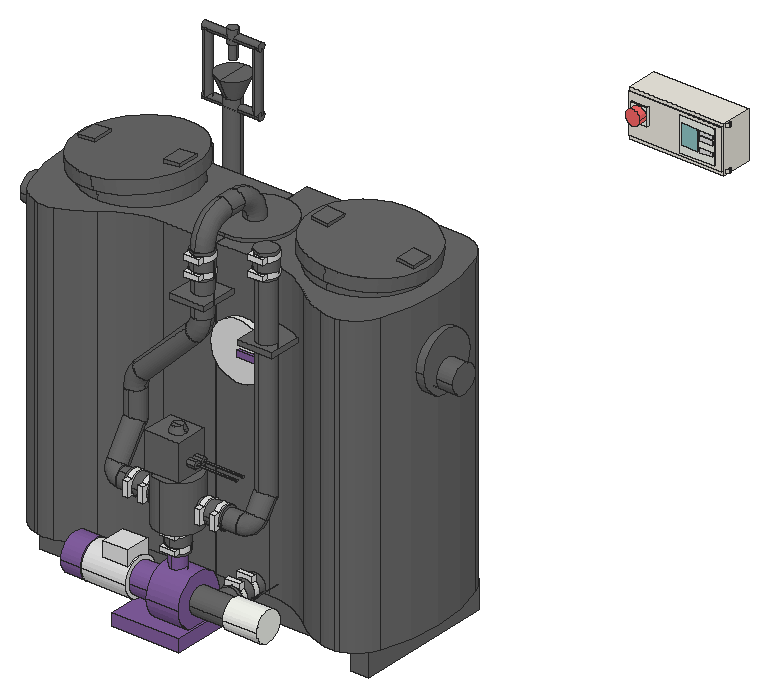
Revit family "93002.01_pvs 0", category Generic Models, Revit 2021
Family settings
  Can host rebar = No
  Round Connector Dimension = Use Diameter
  Part Type = Normal
  Work Plane-Based = No
  Always vertical = Yes
  Cut with Voids When Loaded = No
  Shared = Yes
  Room Calculation Point = No
Parameters (values of type "93002.01_PVS")
  SUPPLIER = "KESSEL"
  SA810ID06 = "4026092060964"
  SA810ID03 = "93002.01/PVS"
  SA71009ID06 = 3000 W
  SA71009ID05 = 3600 W
  SA71009ID04 = 1
  SA700ID17 = 1055 mm
  SA700ID14 = "ohne Angabe"
  SA700ID13 = 70 mm
  SA700ID09 = 1458 mm
  SA700ID08 = 680 mm
  SA700ID07 = 1500 mm
  SA700ID06 = 200
  SA700ID05 = 2
  SA700ID04 = "Grease separator EasyClean free NS 2, Auto Mix & Pump"
  SA500ID03 = "Sludge trap, integrated"
  SA400ID03 = "PE (Polyethylen)"
  SA250ID03 = "temperierte Umhausung"
  SA200ID03 = "free-standing set-up"
  SA100ID04 = "Abscheideranlage für Fette (Schlammfang und Fettabscheider)"
  PROCUREWEBLINK = "https://p.caden.as/kessel/93002.01%2FPVS"
  PROCURELINK = "p.caden.as/kessel/93002.01%2FPVS"
  PROCUREDATALASTUPDATE = "2024-05-22T12:17:52.710287995+01:00"
  PRC_SPECIFICATIONLINK = "https://ausschreiben.de/catalog/kessel/catalogItem/d0407a34-3eb5-4c51-a63a-9ae69b68663b"
  NN = "EasyClean, Auto Mix & Pump grease separator"
  NBSYN = "$SA810ID03. $LODLEVEL."
  NB = "93002.01/PVS 0"
  Model = "93002.01/PVS"
  Manufacturer = "KESSEL"
  MIdent = "{$CADENAS_DATA/23d-libs/kessel/kessel_vdi_import/40/abscheideranlage20fuer20fette/easyclean_free_auto_mix_pump.prj},230 {STYP=ASS},{VTYP=3D},{NB=93002.01/PVS 0},{LINA=93002.01/PVS},{NN=EasyClean, Auto Mix & Pump grease separator},{DATE=20.12.2022 10:10:54},{GEOMDATE=17.11.2022 09:57:06},{VERSION=},{LINEID=10},{WBVAR=LODLEVEL},{WBNUMERIC=LODLEVEL}  {NB=93002.01/PVS 0},{LINA=93002.01/PVS},{KT=DUMMY},{PREVIEW=../../bilder/ksb_w_9300201pvs.png},{SA700ID04=Fettabscheider EasyClean free NS 2, Auto Mix & Pump},{SA810ID06=4026092060964},{SA010ID04=KESSEL AG},{SA810ID03=93002.01/PVS},{SA100ID04=Abscheideranlage für Fette (Schlammfang und Fettabscheider)},{SA200ID03=Freiaufstellung},{SA400ID03=PE (Polyethylen)},{SA500ID03=Schlammfang integriert},{SA700ID05=2.00},{SA700ID06=200},{SA71009ID04=1},{SA71009ID05=3.60},{SA71009ID06=3.00},{SA250ID03=temperierte Umhausung},{SA700ID07=1500},{SA700ID09=1458},{SA700ID13=70},{SA700ID17=1055},{SA700ID08=680},{SA810ID10=\\\"Der Abscheider für fetthaltiges Abwasser ist für die freie Aufstellung in frostgeschützten Räumen geeignet und verzichtet auf metallische Bauteile im Behälter. Der Sammelbehälter aus dauerhaft beständigem Kunststoff (PE) ist mit einem integrierten Schlammfang ausgestattet und besitzt ein konisch zulaufendes Bodenteil für eine schnelle und saubere Entsorgung. Zwei geruchsdichte Deckel mit Schnellspannverschlüssen ermöglichen einen einfachen Zugang für Reinigungs- und Wartungsarbeiten.Das innovative Schredder-Mix-System mit integriertem Zerhacker übernimmt die Homogenisierung und Umwälzung des Behälterinhaltes. Die Reinigung und geruchsneutrale Entsorgung erfolgt dabei über eine außenliegende Pumpe mit 2-Wege-Ventil und Stellmotor, die mit einem Absperrschieber vom Behälter getrennt werden kann.Der vollautomatische Programmablauf wird durch ein anwenderfreundliches Schaltgerät mit mehrzeiliger Displayanzeige gesteuert, das über einen potentialfreien Kontakt in die Gebäudeleittechnik eingebunden werden kann. Über eine optional erhältliche Fernbedienung kann die Reinigung und Entsorgung von einer entfernten Stelle aus gestartet werden.Durch das individualisierbare Reinigungsprogramm mit Schnellwahlfunktion kann die Reinigung bedarfsgerecht an die örtlichen Gegebenheiten angepasst werden. Nach der Entsorgung sind nur noch max. 3 Liter Schlammrestvolumen im Behälter vorhanden. Mithilfe einer vollautomatisierten Spülung der Trinkwasserleitungen kann die Einhaltung der Trinkwasser-Hygiene-Verordnung gewährleistet werden.Gewährleistung auf den Werkstoff PE 20 Jahre.Ausführung:Absperreinrichtung: jaEntsorgungsart: automatisches Entsorgungs- und ReinigungssystemEntsorgungseinrichtung: EntsorgungspumpeEntsorgungsvariante: Auto Mix & PumpFülleinrichtung nach DIN 1988: jaNenngröße (NS): 2Schauglas: jaSchredder-Mix-System: jaSonicControl: neinWasserversorgung: 2 Magnetventile 1\\\"\\\"Tragfähigkeit (DIN 19901): F3Lieferumfang: Storz-B-Kupplung R 2 1/2 \\\"\\\" für SaugwagenanschlussEinbausituation: freie AufstellungAllgemeine Merkmale:Material: PENorm: EN 1825: 2004, DIN 4040-100Abmessungen:Aufstellfläche Länge: 1.736 mmAufstellfläche Breite: 841 mmAufstellfläche Höhe: 1.767 mmEinbringmaß Länge: 1.500 mmEinbringmaß Breite: 680 mmEinbringmaß Höhe: 1.458 mmBehälter/Grundkörper:Zulauf Nennweite (DN): 100 mmZulauf Nennweite (DA): 110 mmAuslauf Nennweite (DN): 100Auslauf Nennweite (DA): 110Abstand Rohrsohle Zulauf zu Behälterboden: 1.055 mmAbstand Rohrsohle Auslauf zu Behälterboden: 985 mmAnschluss Zu-/Auslaufstutzen: PE-HD-Rohre nach DIN 19537, HT-Rohre nach DIN 19560, PP oder ASDruckabgang (DA): 75 mmDruckabgang (DN): 65 mmNenndruck (PN): 10Abdeckungsmerkmale:Abdeckungsart: DeckelAbdeckung Material: KunststoffAbdeckung Farbe: violettDichtheit: geruchsdichtVerriegelung: SchnellspannverschlussAbwasserinhalt:Abscheiderinhalt: 400 lGesamtvolumen: 600 lSchlammfanginhalt: 200 lSpeichermenge an Fett: 100 lFördereinrichtung:Pumpe: SPF 300 KE 2.0Anzahl Pumpen: 1Förderhöhe max.: 17 mFörderleistung max.: 60 m3/hBetriebsspannung: 400 VNetzfrequenz: 50 HzBetriebsart: S2 - 30 Min.Leistung P1: 3,6 kWLeistung P2: 3 kWDrehzahl: 2.850 U/minErforderliche Absicherung (Leitungsschutz): Absicherung über Schaltgerät 400 VFörderguttemperatur (dauerhaft) max.: 40 °CAnschlusstyp: DirektanschlussGewicht: 44 kgLaufrad Typ: Radiallaufrad mit ZerhackerLänge Netzanschlussleitung Pumpe: 5 mNennstrom: 6,2 ASchutzart Pumpe: IP 55Schutzklasse: ITyp Anschlussleitung Pumpe: H07RN-F 7G 1,5 mm2Temperaturüberwachung: integriertSteuerung:Schaltgerät: jaBetriebsspannung: 400 VNetzfrequenz: 50 HzSelbstdiagnosesystem (SDS): jaBatteriepufferung: neinMehrzeilige Displayanzeige: jaLogbuchfunktion: jaUSB-Schnittstelle: jaGSM-Schnittstelle: neinPotentialfreier Kontakt: jaErforderliche Absicherung (Leitungsschutz): C 16 AErforderliche Absicherung (RCD): 30 mAMotorschutz Schalter: jaSchutzart Schaltgerät: IP 54\\\"},{SA700ID14=ohne Angabe},{LODLEVEL=0},{CATEGORY3AA=EasyClean free Auto Mix & Pump},{CATEGORY3AB=},{CATEGORY3AC=},{CATEGORY3AD=},{CATEGORY3AE=},{CATEGORY3AF=},{BEZEICHNUNG=},{BREITE=0.0},{TIEFE=MIN},{HOEHE=MIN},{MASSE=MIN},{LOD_=0,'Low'},{LOD_DEU=0,'Low'},{LOD_3DB=93002.01/PVS_0},{DNIN1=100},{DNIN2=10},{DNIN3=10},{DNIN4=10},{DNIN5=10},{DNIN6=10},{DNIN7=MIN},{DNOUT1=100},{DNOUT2=50},{ISD=80},{ISD2=10},{SA960ID03=80},{SA960ID04=3L},{SA960ID08=http://www.kessel.de/info?han=93002.01/PVS},{SA010ID01=010},{SA010ID02=40},{SA010ID06=www.kessel.de},{SA010ID08=4026092000007},{SA100ID01=100},{SA100ID02=1},{SA740ID01=740},{SA200ID01=200},{SA200ID02=1},{SA250ID01=250},{SA250ID02=1},{SA400ID01=400},{SA400ID02=1},{SA500ID01=500},{SA500ID02=1},{SA700ID01=700},{SA700ID02=80},{SA700ID14_=0},{SA71009ID01=710.09},{SA71009ID02=1},{SA71009ID03=SPF 300 KE 2.0},{SA71009ID07=IP55},{SA71009ID08=1},{SA71009ID09=1},{SA71009ID10=60},{SA71009ID11=17},{SA810ID01=810},{SA810ID02=80},{SA810ID04=93002.01/PVS},{SA810ID07=80},{SA810ID14=PCE},{LINK=http://www.kessel.de/info?han=93002.01/PVS},{LINK_=http://www.kessel.de/info?han=93002.01/PVS},{LINK_DEU=http://www.kessel.de/info?han=93002.01/PVS}"
  LINK = "http://www.kessel.de/info?han=93002.01/PVS"
  LINA = "93002.01/PVS"
  Default Elevation = 0 mm
  CREATOR = "CADENAS GmbH"
  CATALOG = "KESSEL"
  BOMINFO = "LINA"
  ARTICLENO = "NB"
Reference planes
  plane 1 "Center (Front/Back)": y = 0
  plane 2: z = 0
  plane 3 "Center (Left/Right)": x = 0
Dimensions and locks
  aligned and locked: level to plane 2
Nested families
  nested 1: "93002.01_pvs 0_content" at (0, 0, 0), type "93002.01_PVS 0_Content"
  nested 2: "93002.01_pvs 0_part1_X0Y0" at (1000, 1000, 1500), type "93002.01_PVS_PART1_X0Y0"
  nested 3: "93002.01_pvs 0_part2_X0Y0" at (0, 0, 0), type "93002.01_PVS_PART2_X0Y0"
Connectors
  electrical at (859.25, 933.5, 1478)
    settings: on nested 2, index 1, voltage 230 V, apparent load 0 VA, apparent load phase1 0 VA, apparent load phase2 0 VA, apparent load phase3 0 VA, power factor 1, load classification "Other", number of poles 3, system type 31, power factor state 1, is connector primary yes, connector utility no, sub classification motor no, connector description ""
  piping at (-897.6, 0, 1113), diameter 100
    settings: on nested 3, index 2, connector inside diameter 609.6 mm, connector length 0 mm, flow factor 0, pipe flow 0.0 L/s, pressure drop 0.0 Pa, fitting loss kfactor 0, connector angle 0.00°, fixture units 0, engagement length 0 mm, angle of deflection 0.00°, flow configuration 0, flow direction 1, fitting loss method 2, system type 8, joint type 0, gender type 0, connector reference index -1, connector utility 0, adjustable connector no, is connector primary yes, connector description ""
  piping at (-305, 275, 1772.9), diameter 10
    settings: on nested 3, index 3, connector inside diameter 609.6 mm, connector length 0 mm, flow factor 0, pipe flow 0.0 L/s, pressure drop 0.0 Pa, fitting loss kfactor 0, connector angle 0.00°, fixture units 0, engagement length 0 mm, angle of deflection 0.00°, flow configuration 0, flow direction 1, fitting loss method 2, system type 8, joint type 0, gender type 0, connector reference index -1, connector utility 0, adjustable connector no, is connector primary no, connector description ""
  piping at (844, 0, 1030), diameter 100
    settings: on nested 3, index 4, connector inside diameter 609.6 mm, connector length 0 mm, flow factor 0, pipe flow 0.0 L/s, pressure drop 0.0 Pa, fitting loss kfactor 0, connector angle 0.00°, fixture units 0, engagement length 0 mm, angle of deflection 0.00°, flow configuration 0, flow direction 2, fitting loss method 2, system type 7, joint type 0, gender type 0, connector reference index -1, connector utility 0, adjustable connector no, is connector primary no, connector description ""
  piping at (290, -301.5, 1441.5), diameter 50
    settings: on nested 3, index 5, connector inside diameter 609.6 mm, connector length 0 mm, flow factor 0, pipe flow 0.0 L/s, pressure drop 0.0 Pa, fitting loss kfactor 0, connector angle 0.00°, fixture units 0, engagement length 0 mm, angle of deflection 0.00°, flow configuration 0, flow direction 2, fitting loss method 2, system type 7, joint type 0, gender type 0, connector reference index -1, connector utility 0, adjustable connector no, is connector primary no, connector description ""
  electrical at (-212, -383, 248.5)
    settings: on nested 3, index 6, voltage 0 V, apparent load 0 VA, apparent load phase1 0 VA, apparent load phase2 0 VA, apparent load phase3 0 VA, power factor 1, load classification "Other", number of poles 1, system type 31, power factor state 1, is connector primary no, connector utility no, sub classification motor no, connector description ""
Definition of nested family "93002.01_pvs 0_part1_X0Y0"
  Parameters (values of type "93002.01_PVS_PART1_X0Y0")
    SUPPLIER = "KESSEL"
    SA810ID06 = "4026092060964"
    SA810ID03 = "93002.01/PVS"
    SA71009ID06 = 3000 W
    SA71009ID05 = 3600 W
    SA71009ID04 = 1
    SA700ID17 = 1055 mm
    SA700ID14 = "ohne Angabe"
    SA700ID13 = 70 mm
    SA700ID09 = 1458 mm
    SA700ID08 = 680 mm
    SA700ID07 = 1500 mm
    SA700ID06 = 200
    SA700ID05 = 2
    SA700ID04 = "Grease separator EasyClean free NS 2, Auto Mix & Pump"
    SA500ID03 = "Sludge trap, integrated"
    SA400ID03 = "PE (Polyethylen)"
    SA250ID03 = "temperierte Umhausung"
    SA200ID03 = "free-standing set-up"
    SA100ID04 = "Abscheideranlage für Fette (Schlammfang und Fettabscheider)"
    NBSYN = "$SA810ID03. $LODLEVEL._PART1"
    NB = "93002.01/PVS 0_PART1"
    Model = "93002.01/PVS_PART1"
    Manufacturer = "KESSEL"
    MIdent = "{$CADENAS_DATA/23d-libs/kessel/kessel_vdi_import/40/abscheideranlage20fuer20fette/easyclean_free_auto_mix_pump.prj},250 {VTYP=3D},{NB=93002.01/PVS 0_PART1},{LINA=93002.01/PVS_PART1},{NN=EasyClean, Auto Mix & Pump grease separator_PART1},{NOPRJ=TRUE},{DATE=20.12.2022 10:10:54},{GEOMDATE=17.11.2022 09:57:06},{VERSION=},{LINEID=10},{WBVAR=LODLEVEL},{WBNUMERIC=LODLEVEL}  {NB=93002.01/PVS 0_PART1},{LINA=93002.01/PVS_PART1},{KT=DUMMY},{PREVIEW=../../bilder/ksb_w_9300201pvs.png},{SA700ID04=Fettabscheider EasyClean free NS 2, Auto Mix & Pump},{SA810ID06=4026092060964},{SA010ID04=KESSEL AG},{SA810ID03=93002.01/PVS},{SA100ID04=Abscheideranlage für Fette (Schlammfang und Fettabscheider)},{SA200ID03=Freiaufstellung},{SA400ID03=PE (Polyethylen)},{SA500ID03=Schlammfang integriert},{SA700ID05=2.00},{SA700ID06=200},{SA71009ID04=1},{SA71009ID05=3.60},{SA71009ID06=3.00},{SA250ID03=temperierte Umhausung},{SA700ID07=1500},{SA700ID09=1458},{SA700ID13=70},{SA700ID17=1055},{SA700ID08=680},{SA810ID10=\\\"Der Abscheider für fetthaltiges Abwasser ist für die freie Aufstellung in frostgeschützten Räumen geeignet und verzichtet auf metallische Bauteile im Behälter. Der Sammelbehälter aus dauerhaft beständigem Kunststoff (PE) ist mit einem integrierten Schlammfang ausgestattet und besitzt ein konisch zulaufendes Bodenteil für eine schnelle und saubere Entsorgung. Zwei geruchsdichte Deckel mit Schnellspannverschlüssen ermöglichen einen einfachen Zugang für Reinigungs- und Wartungsarbeiten.Das innovative Schredder-Mix-System mit integriertem Zerhacker übernimmt die Homogenisierung und Umwälzung des Behälterinhaltes. Die Reinigung und geruchsneutrale Entsorgung erfolgt dabei über eine außenliegende Pumpe mit 2-Wege-Ventil und Stellmotor, die mit einem Absperrschieber vom Behälter getrennt werden kann.Der vollautomatische Programmablauf wird durch ein anwenderfreundliches Schaltgerät mit mehrzeiliger Displayanzeige gesteuert, das über einen potentialfreien Kontakt in die Gebäudeleittechnik eingebunden werden kann. Über eine optional erhältliche Fernbedienung kann die Reinigung und Entsorgung von einer entfernten Stelle aus gestartet werden.Durch das individualisierbare Reinigungsprogramm mit Schnellwahlfunktion kann die Reinigung bedarfsgerecht an die örtlichen Gegebenheiten angepasst werden. Nach der Entsorgung sind nur noch max. 3 Liter Schlammrestvolumen im Behälter vorhanden. Mithilfe einer vollautomatisierten Spülung der Trinkwasserleitungen kann die Einhaltung der Trinkwasser-Hygiene-Verordnung gewährleistet werden.Gewährleistung auf den Werkstoff PE 20 Jahre.Ausführung:Absperreinrichtung: jaEntsorgungsart: automatisches Entsorgungs- und ReinigungssystemEntsorgungseinrichtung: EntsorgungspumpeEntsorgungsvariante: Auto Mix & PumpFülleinrichtung nach DIN 1988: jaNenngröße (NS): 2Schauglas: jaSchredder-Mix-System: jaSonicControl: neinWasserversorgung: 2 Magnetventile 1\\\"\\\"Tragfähigkeit (DIN 19901): F3Lieferumfang: Storz-B-Kupplung R 2 1/2 \\\"\\\" für SaugwagenanschlussEinbausituation: freie AufstellungAllgemeine Merkmale:Material: PENorm: EN 1825: 2004, DIN 4040-100Abmessungen:Aufstellfläche Länge: 1.736 mmAufstellfläche Breite: 841 mmAufstellfläche Höhe: 1.767 mmEinbringmaß Länge: 1.500 mmEinbringmaß Breite: 680 mmEinbringmaß Höhe: 1.458 mmBehälter/Grundkörper:Zulauf Nennweite (DN): 100 mmZulauf Nennweite (DA): 110 mmAuslauf Nennweite (DN): 100Auslauf Nennweite (DA): 110Abstand Rohrsohle Zulauf zu Behälterboden: 1.055 mmAbstand Rohrsohle Auslauf zu Behälterboden: 985 mmAnschluss Zu-/Auslaufstutzen: PE-HD-Rohre nach DIN 19537, HT-Rohre nach DIN 19560, PP oder ASDruckabgang (DA): 75 mmDruckabgang (DN): 65 mmNenndruck (PN): 10Abdeckungsmerkmale:Abdeckungsart: DeckelAbdeckung Material: KunststoffAbdeckung Farbe: violettDichtheit: geruchsdichtVerriegelung: SchnellspannverschlussAbwasserinhalt:Abscheiderinhalt: 400 lGesamtvolumen: 600 lSchlammfanginhalt: 200 lSpeichermenge an Fett: 100 lFördereinrichtung:Pumpe: SPF 300 KE 2.0Anzahl Pumpen: 1Förderhöhe max.: 17 mFörderleistung max.: 60 m3/hBetriebsspannung: 400 VNetzfrequenz: 50 HzBetriebsart: S2 - 30 Min.Leistung P1: 3,6 kWLeistung P2: 3 kWDrehzahl: 2.850 U/minErforderliche Absicherung (Leitungsschutz): Absicherung über Schaltgerät 400 VFörderguttemperatur (dauerhaft) max.: 40 °CAnschlusstyp: DirektanschlussGewicht: 44 kgLaufrad Typ: Radiallaufrad mit ZerhackerLänge Netzanschlussleitung Pumpe: 5 mNennstrom: 6,2 ASchutzart Pumpe: IP 55Schutzklasse: ITyp Anschlussleitung Pumpe: H07RN-F 7G 1,5 mm2Temperaturüberwachung: integriertSteuerung:Schaltgerät: jaBetriebsspannung: 400 VNetzfrequenz: 50 HzSelbstdiagnosesystem (SDS): jaBatteriepufferung: neinMehrzeilige Displayanzeige: jaLogbuchfunktion: jaUSB-Schnittstelle: jaGSM-Schnittstelle: neinPotentialfreier Kontakt: jaErforderliche Absicherung (Leitungsschutz): C 16 AErforderliche Absicherung (RCD): 30 mAMotorschutz Schalter: jaSchutzart Schaltgerät: IP 54\\\"},{SA700ID14=ohne Angabe},{LODLEVEL=0},{CATEGORY3AA=EasyClean free Auto Mix & Pump},{CATEGORY3AB=},{CATEGORY3AC=},{CATEGORY3AD=},{CATEGORY3AE=},{CATEGORY3AF=},{BEZEICHNUNG=},{BREITE=0.0},{TIEFE=MIN},{HOEHE=MIN},{MASSE=MIN},{LOD_=0,'Low'},{LOD_DEU=0,'Low'},{LOD_3DB=93002.01/PVS_0},{DNIN1=100},{DNIN2=10},{DNIN3=10},{DNIN4=10},{DNIN5=10},{DNIN6=10},{DNIN7=MIN},{DNOUT1=100},{DNOUT2=50},{ISD=80},{ISD2=10},{SA960ID03=80},{SA960ID04=3L},{SA960ID08=http://www.kessel.de/info?han=93002.01/PVS},{SA010ID01=010},{SA010ID02=40},{SA010ID06=www.kessel.de},{SA010ID08=4026092000007},{SA100ID01=100},{SA100ID02=1},{SA740ID01=740},{SA200ID01=200},{SA200ID02=1},{SA250ID01=250},{SA250ID02=1},{SA400ID01=400},{SA400ID02=1},{SA500ID01=500},{SA500ID02=1},{SA700ID01=700},{SA700ID02=80},{SA700ID14_=0},{SA71009ID01=710.09},{SA71009ID02=1},{SA71009ID03=SPF 300 KE 2.0},{SA71009ID07=IP55},{SA71009ID08=1},{SA71009ID09=1},{SA71009ID10=60},{SA71009ID11=17},{SA810ID01=810},{SA810ID02=80},{SA810ID04=93002.01/PVS},{SA810ID07=80},{SA810ID14=PCE},{LINK=http://www.kessel.de/info?han=93002.01/PVS},{LINK_=http://www.kessel.de/info?han=93002.01/PVS},{LINK_DEU=http://www.kessel.de/info?han=93002.01/PVS}"
    LINK = "http://www.kessel.de/info?han=93002.01/PVS"
    LINA = "93002.01/PVS_PART1"
    Default Elevation = 1219.2 mm
    CREATOR = "CADENAS GmbH"
    CATALOG = "KESSEL"
    BOMINFO = "LINA"
    ARTICLENO = "NB"
  Reference planes
    plane 1 "Center (Front/Back)": y = 0
    plane 2: z = 0
    plane 3 "Center (Left/Right)": x = 0
  Dimensions and locks
    aligned and locked: level to plane 2
  Nested families
    nested 1: "93002.01_pvs 0_part1_content" at (0, 0, 0), type "93002.01_PVS 0_PART1_Content"
  Definition of nested family "93002.01_pvs 0_part1_content"
    Parameters (values of type "93002.01_PVS 0_PART1_Content")
      SUPPLIER = "KESSEL"
      SA810ID06 = "4026092060964"
      SA810ID03 = "93002.01/PVS"
      SA71009ID06 = 3000 W
      SA71009ID05 = 3600 W
      SA71009ID04 = 1
      SA700ID17 = 1055 mm
      SA700ID14 = "ohne Angabe"
      SA700ID13 = 70 mm
      SA700ID09 = 1458 mm
      SA700ID08 = 680 mm
      SA700ID07 = 1500 mm
      SA700ID06 = 200
      SA700ID05 = 2
      SA700ID04 = "Grease separator EasyClean free NS 2, Auto Mix & Pump"
      SA500ID03 = "Sludge trap, integrated"
      SA400ID03 = "PE (Polyethylen)"
      SA250ID03 = "temperierte Umhausung"
      SA200ID03 = "free-standing set-up"
      SA100ID04 = "Abscheideranlage für Fette (Schlammfang und Fettabscheider)"
      NBSYN = "$SA810ID03. $LODLEVEL._PART1"
      NB = "93002.01/PVS 0_PART1"
      Model = "93002.01/PVS_PART1"
      Manufacturer = "KESSEL"
      LINK = "http://www.kessel.de/info?han=93002.01/PVS"
      LINA = "93002.01/PVS_PART1"
      Default Elevation = 1219.2 mm
      CREATOR = "CADENAS GmbH"
      CATALOG = "KESSEL"
      BOMINFO = "LINA"
      ARTICLENO = "NB"
    Reference planes
      plane 1 "Center (Front/Back)": y = 0
      plane 2: z = 0
      plane 3 "Center (Left/Right)": x = 0
    Forms (mm)
      Extrusion 1, solid, detail levels medium+fine
        sketch origin (190.25, 0, 0) x (0, -1, 0) y (0, 0, 1)
          loop
            line (0, 188) -> (0, 0) -> (122.5, 0) -> (122.5, 188) -> (0, 188)
        from 0 to 380.5
      Extrusion 2, solid, detail levels medium+fine
        sketch origin (186.25, -122.5, 14) x (0, -1, 0) y (0, 0, 1)
          loop
            line (0, 160) -> (0, 0) -> (5, 0) -> (5, 160) -> (0, 160)
        from 0 to 376.5
      Extrusion 3, solid, detail levels medium+fine
        sketch origin (156.25, -127.5, 24.5) x (0, -1, 0) y (0, 0, 1)
          loop
            line (-1.4, 0) -> (0.2, 0) -> (0.2, 135) -> (-1.4, 135) -> (-1.4, 0)
        from 0 to 140
      Extrusion 4, solid, detail levels medium+fine
        sketch origin (88.75, -127.7, 53.5) x (0, -1, 0) y (0, 0, 1)
          loop
            line (-1.5, 79) -> (-1.5, 0) -> (0.1, 0) -> (0.1, 79) -> (-1.5, 79)
        from 0 to 65
      Extrusion 5, solid, detail levels medium+fine
        sketch origin (148.75, -127.7, 95.5) x (0, -1, 0) y (0, 0, 1)
          loop
            line (-1.5, 16) -> (-1.5, 0) -> (0.1, 0) -> (0.1, 16) -> (-1.5, 16)
        from 0 to 51
      Extrusion 6, solid, detail levels medium+fine
        sketch origin (148.75, -127.7, 53.5) x (0, -1, 0) y (0, 0, 1)
          loop
            line (-1.5, 16) -> (-1.5, 0) -> (0.1, 0) -> (0.1, 16) -> (-1.5, 16)
        from 0 to 51
      Extrusion 7, solid, detail levels medium+fine
        sketch origin (148.75, -127.7, 116.5) x (0, -1, 0) y (0, 0, 1)
          loop
            line (-1.5, 16) -> (-1.5, 0) -> (0.1, 0) -> (0.1, 16) -> (-1.5, 16)
        from 0 to 51
      Extrusion 8, solid, detail levels medium+fine
        sketch origin (9.25, -66.5, 1.5) x (0.866025, 0.5, 0) y (0.5, -0.866025, 0)
          loop
            circle (0, 0) r 10
        from 0 to 2.5
      Extrusion 9, solid, detail levels medium+fine
        sketch origin (-20.75, -66.5, 1.5) x (0.866025, 0.5, 0) y (0.5, -0.866025, 0)
          loop
            circle (0, 0) r 10
        from 0 to 2.5
      Extrusion 10, solid, detail levels medium+fine
        sketch origin (39.25, -66.5, 1.5) x (0.866025, 0.5, 0) y (0.5, -0.866025, 0)
          loop
            circle (0, 0) r 10
        from 0 to 2.5
      Extrusion 11, solid, detail levels medium+fine
        sketch origin (-50.75, -66.5, 1.5) x (0.866025, 0.5, 0) y (0.5, -0.866025, 0)
          loop
            circle (0, 0) r 10
        from 0 to 2.5
      Extrusion 12, solid, detail levels medium+fine
        sketch origin (69.25, -66.5, 1.5) x (0.866025, 0.5, 0) y (0.5, -0.866025, 0)
          loop
            circle (0, 0) r 10
        from 0 to 2.5
      Extrusion 13, solid, detail levels medium+fine
        sketch origin (99.25, -66.5, 1.5) x (0.866025, 0.5, 0) y (0.5, -0.866025, 0)
          loop
            circle (0, 0) r 10
        from 0 to 2.5
      Extrusion 14, solid, detail levels medium+fine
        sketch origin (-95.75, -66.5, 0) x (0.866025, 0.5, 0) y (0.5, -0.866025, 0)
          loop
            line (0, 17.321) -> (-15, 8.66) -> (-15, -8.66) -> (0, -17.321) -> (15, -8.66) -> (15, 8.66) -> (0, 17.321)
        from 0 to 22
      Extrusion 15, solid, detail levels medium+fine
        sketch origin (-140.75, -66.5, 0) x (0.866025, 0.5, 0) y (0.5, -0.866025, 0)
          loop
            line (0, 17.321) -> (-15, 8.66) -> (-15, -8.66) -> (0, -17.321) -> (15, -8.66) -> (15, 8.66) -> (0, 17.321)
        from 0 to 22
      Extrusion 16, solid, detail levels medium+fine
        sketch origin (-110.25, -127.5, 76.5) x (0, -1, 0) y (0, 0, 1)
          loop
            line (0, 67) -> (0, 0) -> (7, 0) -> (7, 67) -> (0, 67)
        from 0 to 67
      Extrusion 17, solid, detail levels medium+fine
        sketch origin (-143.75, -134.5, 110) x (1, 0, 0) y (0, 0, 1)
          loop
            circle (0, 0) r 29.5
        from 0 to 29
      Extrusion 18, solid, detail levels medium+fine
        sketch origin (129.25, -66.5, 1.5) x (0.866025, 0.5, 0) y (0.5, -0.866025, 0)
          loop
            circle (0, 0) r 10
        from 0 to 2.5
      Extrusion 19, solid, detail levels medium+fine
        sketch origin (-179.25, 0, 177) x (-1, 0, 0) y (0, 0, 1)
          loop
            circle (0, 0) r 7.5
        from 0 to 2
      Extrusion 20, solid, detail levels medium+fine
        sketch origin (-179.25, 0, 11) x (-1, 0, 0) y (0, 0, 1)
          loop
            circle (0, 0) r 7.5
        from 0 to 2
      Extrusion 21, solid, detail levels medium+fine
        sketch origin (179.25, 0, 11) x (-1, 0, 0) y (0, 0, 1)
          loop
            circle (0, 0) r 7.5
        from 0 to 2
      Extrusion 22, solid, detail levels medium+fine
        sketch origin (179.25, 0, 177) x (-1, 0, 0) y (0, 0, 1)
          loop
            circle (0, 0) r 7.5
        from 0 to 2
      Extrusion 23, solid, detail levels medium+fine
        sketch origin (194.75, -100.5, 170) x (-1, 0, 0) y (0, -1, 0)
          loop
            circle (0, 0) r 5
        from 0 to 14
      Extrusion 24, solid, detail levels medium+fine
        sketch origin (190.25, -100.5, 170) x (0, -1, 0) y (1, 0, 0)
          loop
            line (0, 9.5) -> (0, 0) -> (20, 0) -> (0, 9.5)
        from 0 to 14
      Extrusion 25, solid, detail levels medium+fine
        sketch origin (194.75, -100.5, 4) x (-1, 0, 0) y (0, -1, 0)
          loop
            circle (0, 0) r 5
        from 0 to 14
      Extrusion 26, solid, detail levels medium+fine
        sketch origin (190.25, -100.5, 4) x (0, -1, 0) y (1, 0, 0)
          loop
            line (0, 9.5) -> (0, 0) -> (20, 0) -> (0, 9.5)
        from 0 to 14
      Extrusion 27, solid, detail levels coarse
        sketch origin (4.75, -80.75, -22) x (1, 0, 0) y (0, 1, 0)
          loop
            line (-195, -82.75) -> (195, -82.75) -> (195, 82.75) -> (-195, 82.75) -> (-195, -82.75)
        from 0 to 210
    Dimensions and locks
      aligned and locked: level to plane 2
Definition of nested family "93002.01_pvs 0_part2_X0Y0"
  Parameters (values of type "93002.01_PVS_PART2_X0Y0")
    SUPPLIER = "KESSEL"
    SA810ID06 = "4026092060964"
    SA810ID03 = "93002.01/PVS"
    SA71009ID06 = 3000 W
    SA71009ID05 = 3600 W
    SA71009ID04 = 1
    SA700ID17 = 1055 mm
    SA700ID14 = "ohne Angabe"
    SA700ID13 = 70 mm
    SA700ID09 = 1458 mm
    SA700ID08 = 680 mm
    SA700ID07 = 1500 mm
    SA700ID06 = 200
    SA700ID05 = 2
    SA700ID04 = "Grease separator EasyClean free NS 2, Auto Mix & Pump"
    SA500ID03 = "Sludge trap, integrated"
    SA400ID03 = "PE (Polyethylen)"
    SA250ID03 = "temperierte Umhausung"
    SA200ID03 = "free-standing set-up"
    SA100ID04 = "Abscheideranlage für Fette (Schlammfang und Fettabscheider)"
    NBSYN = "$SA810ID03. $LODLEVEL._PART2"
    NB = "93002.01/PVS 0_PART2"
    Model = "93002.01/PVS_PART2"
    Manufacturer = "KESSEL"
    MIdent = "{$CADENAS_DATA/23d-libs/kessel/kessel_vdi_import/40/abscheideranlage20fuer20fette/easyclean_free_auto_mix_pump.prj},250 {VTYP=3D},{NB=93002.01/PVS 0_PART2},{LINA=93002.01/PVS_PART2},{NN=EasyClean, Auto Mix & Pump grease separator_PART2},{NOPRJ=TRUE},{DATE=20.12.2022 10:10:54},{GEOMDATE=17.11.2022 09:57:06},{VERSION=},{LINEID=10},{WBVAR=LODLEVEL},{WBNUMERIC=LODLEVEL}  {NB=93002.01/PVS 0_PART2},{LINA=93002.01/PVS_PART2},{KT=DUMMY},{PREVIEW=../../bilder/ksb_w_9300201pvs.png},{SA700ID04=Fettabscheider EasyClean free NS 2, Auto Mix & Pump},{SA810ID06=4026092060964},{SA010ID04=KESSEL AG},{SA810ID03=93002.01/PVS},{SA100ID04=Abscheideranlage für Fette (Schlammfang und Fettabscheider)},{SA200ID03=Freiaufstellung},{SA400ID03=PE (Polyethylen)},{SA500ID03=Schlammfang integriert},{SA700ID05=2.00},{SA700ID06=200},{SA71009ID04=1},{SA71009ID05=3.60},{SA71009ID06=3.00},{SA250ID03=temperierte Umhausung},{SA700ID07=1500},{SA700ID09=1458},{SA700ID13=70},{SA700ID17=1055},{SA700ID08=680},{SA810ID10=\\\"Der Abscheider für fetthaltiges Abwasser ist für die freie Aufstellung in frostgeschützten Räumen geeignet und verzichtet auf metallische Bauteile im Behälter. Der Sammelbehälter aus dauerhaft beständigem Kunststoff (PE) ist mit einem integrierten Schlammfang ausgestattet und besitzt ein konisch zulaufendes Bodenteil für eine schnelle und saubere Entsorgung. Zwei geruchsdichte Deckel mit Schnellspannverschlüssen ermöglichen einen einfachen Zugang für Reinigungs- und Wartungsarbeiten.Das innovative Schredder-Mix-System mit integriertem Zerhacker übernimmt die Homogenisierung und Umwälzung des Behälterinhaltes. Die Reinigung und geruchsneutrale Entsorgung erfolgt dabei über eine außenliegende Pumpe mit 2-Wege-Ventil und Stellmotor, die mit einem Absperrschieber vom Behälter getrennt werden kann.Der vollautomatische Programmablauf wird durch ein anwenderfreundliches Schaltgerät mit mehrzeiliger Displayanzeige gesteuert, das über einen potentialfreien Kontakt in die Gebäudeleittechnik eingebunden werden kann. Über eine optional erhältliche Fernbedienung kann die Reinigung und Entsorgung von einer entfernten Stelle aus gestartet werden.Durch das individualisierbare Reinigungsprogramm mit Schnellwahlfunktion kann die Reinigung bedarfsgerecht an die örtlichen Gegebenheiten angepasst werden. Nach der Entsorgung sind nur noch max. 3 Liter Schlammrestvolumen im Behälter vorhanden. Mithilfe einer vollautomatisierten Spülung der Trinkwasserleitungen kann die Einhaltung der Trinkwasser-Hygiene-Verordnung gewährleistet werden.Gewährleistung auf den Werkstoff PE 20 Jahre.Ausführung:Absperreinrichtung: jaEntsorgungsart: automatisches Entsorgungs- und ReinigungssystemEntsorgungseinrichtung: EntsorgungspumpeEntsorgungsvariante: Auto Mix & PumpFülleinrichtung nach DIN 1988: jaNenngröße (NS): 2Schauglas: jaSchredder-Mix-System: jaSonicControl: neinWasserversorgung: 2 Magnetventile 1\\\"\\\"Tragfähigkeit (DIN 19901): F3Lieferumfang: Storz-B-Kupplung R 2 1/2 \\\"\\\" für SaugwagenanschlussEinbausituation: freie AufstellungAllgemeine Merkmale:Material: PENorm: EN 1825: 2004, DIN 4040-100Abmessungen:Aufstellfläche Länge: 1.736 mmAufstellfläche Breite: 841 mmAufstellfläche Höhe: 1.767 mmEinbringmaß Länge: 1.500 mmEinbringmaß Breite: 680 mmEinbringmaß Höhe: 1.458 mmBehälter/Grundkörper:Zulauf Nennweite (DN): 100 mmZulauf Nennweite (DA): 110 mmAuslauf Nennweite (DN): 100Auslauf Nennweite (DA): 110Abstand Rohrsohle Zulauf zu Behälterboden: 1.055 mmAbstand Rohrsohle Auslauf zu Behälterboden: 985 mmAnschluss Zu-/Auslaufstutzen: PE-HD-Rohre nach DIN 19537, HT-Rohre nach DIN 19560, PP oder ASDruckabgang (DA): 75 mmDruckabgang (DN): 65 mmNenndruck (PN): 10Abdeckungsmerkmale:Abdeckungsart: DeckelAbdeckung Material: KunststoffAbdeckung Farbe: violettDichtheit: geruchsdichtVerriegelung: SchnellspannverschlussAbwasserinhalt:Abscheiderinhalt: 400 lGesamtvolumen: 600 lSchlammfanginhalt: 200 lSpeichermenge an Fett: 100 lFördereinrichtung:Pumpe: SPF 300 KE 2.0Anzahl Pumpen: 1Förderhöhe max.: 17 mFörderleistung max.: 60 m3/hBetriebsspannung: 400 VNetzfrequenz: 50 HzBetriebsart: S2 - 30 Min.Leistung P1: 3,6 kWLeistung P2: 3 kWDrehzahl: 2.850 U/minErforderliche Absicherung (Leitungsschutz): Absicherung über Schaltgerät 400 VFörderguttemperatur (dauerhaft) max.: 40 °CAnschlusstyp: DirektanschlussGewicht: 44 kgLaufrad Typ: Radiallaufrad mit ZerhackerLänge Netzanschlussleitung Pumpe: 5 mNennstrom: 6,2 ASchutzart Pumpe: IP 55Schutzklasse: ITyp Anschlussleitung Pumpe: H07RN-F 7G 1,5 mm2Temperaturüberwachung: integriertSteuerung:Schaltgerät: jaBetriebsspannung: 400 VNetzfrequenz: 50 HzSelbstdiagnosesystem (SDS): jaBatteriepufferung: neinMehrzeilige Displayanzeige: jaLogbuchfunktion: jaUSB-Schnittstelle: jaGSM-Schnittstelle: neinPotentialfreier Kontakt: jaErforderliche Absicherung (Leitungsschutz): C 16 AErforderliche Absicherung (RCD): 30 mAMotorschutz Schalter: jaSchutzart Schaltgerät: IP 54\\\"},{SA700ID14=ohne Angabe},{LODLEVEL=0},{CATEGORY3AA=EasyClean free Auto Mix & Pump},{CATEGORY3AB=},{CATEGORY3AC=},{CATEGORY3AD=},{CATEGORY3AE=},{CATEGORY3AF=},{BEZEICHNUNG=},{BREITE=0.0},{TIEFE=MIN},{HOEHE=MIN},{MASSE=MIN},{LOD_=0,'Low'},{LOD_DEU=0,'Low'},{LOD_3DB=93002.01/PVS_0},{DNIN1=100},{DNIN2=10},{DNIN3=10},{DNIN4=10},{DNIN5=10},{DNIN6=10},{DNIN7=MIN},{DNOUT1=100},{DNOUT2=50},{ISD=80},{ISD2=10},{SA960ID03=80},{SA960ID04=3L},{SA960ID08=http://www.kessel.de/info?han=93002.01/PVS},{SA010ID01=010},{SA010ID02=40},{SA010ID06=www.kessel.de},{SA010ID08=4026092000007},{SA100ID01=100},{SA100ID02=1},{SA740ID01=740},{SA200ID01=200},{SA200ID02=1},{SA250ID01=250},{SA250ID02=1},{SA400ID01=400},{SA400ID02=1},{SA500ID01=500},{SA500ID02=1},{SA700ID01=700},{SA700ID02=80},{SA700ID14_=0},{SA71009ID01=710.09},{SA71009ID02=1},{SA71009ID03=SPF 300 KE 2.0},{SA71009ID07=IP55},{SA71009ID08=1},{SA71009ID09=1},{SA71009ID10=60},{SA71009ID11=17},{SA810ID01=810},{SA810ID02=80},{SA810ID04=93002.01/PVS},{SA810ID07=80},{SA810ID14=PCE},{LINK=http://www.kessel.de/info?han=93002.01/PVS},{LINK_=http://www.kessel.de/info?han=93002.01/PVS},{LINK_DEU=http://www.kessel.de/info?han=93002.01/PVS}"
    LINK = "http://www.kessel.de/info?han=93002.01/PVS"
    LINA = "93002.01/PVS_PART2"
    Default Elevation = 1219.2 mm
    CREATOR = "CADENAS GmbH"
    CATALOG = "KESSEL"
    BOMINFO = "LINA"
    ARTICLENO = "NB"
  Reference planes
    plane 1 "Center (Front/Back)": y = 0
    plane 2: z = 0
    plane 3 "Center (Left/Right)": x = 0
  Dimensions and locks
    aligned and locked: level to plane 2
  Nested families
    nested 1: "93002.01_pvs 0_part2_content" at (0, 0, 0), type "93002.01_PVS 0_PART2_Content"
  Definition of nested family "93002.01_pvs 0_part2_content"
    Parameters (values of type "93002.01_PVS 0_PART2_Content")
      SUPPLIER = "KESSEL"
      SA810ID06 = "4026092060964"
      SA810ID03 = "93002.01/PVS"
      SA71009ID06 = 3000 W
      SA71009ID05 = 3600 W
      SA71009ID04 = 1
      SA700ID17 = 1055 mm
      SA700ID14 = "ohne Angabe"
      SA700ID13 = 70 mm
      SA700ID09 = 1458 mm
      SA700ID08 = 680 mm
      SA700ID07 = 1500 mm
      SA700ID06 = 200
      SA700ID05 = 2
      SA700ID04 = "Grease separator EasyClean free NS 2, Auto Mix & Pump"
      SA500ID03 = "Sludge trap, integrated"
      SA400ID03 = "PE (Polyethylen)"
      SA250ID03 = "temperierte Umhausung"
      SA200ID03 = "free-standing set-up"
      SA100ID04 = "Abscheideranlage für Fette (Schlammfang und Fettabscheider)"
      NBSYN = "$SA810ID03. $LODLEVEL._PART2"
      NB = "93002.01/PVS 0_PART2"
      Model = "93002.01/PVS_PART2"
      Manufacturer = "KESSEL"
      LINK = "http://www.kessel.de/info?han=93002.01/PVS"
      LINA = "93002.01/PVS_PART2"
      Default Elevation = 1219.2 mm
      CREATOR = "CADENAS GmbH"
      CATALOG = "KESSEL"
      BOMINFO = "LINA"
      ARTICLENO = "NB"
    Reference planes
      plane 1 "Center (Front/Back)": y = 0
      plane 2: z = 0
      plane 3 "Center (Left/Right)": x = 0
    Forms (mm)
      Extrusion 1, solid, detail levels medium+fine
        sketch origin (-660.5, -252.5, 0) x (0, 1, 0) y (0, 0, 1)
          loop
            line (0, 113) -> (0, 0) -> (553.5, 0) -> (553.5, 113) -> (0, 113)
        from 0 to 221.5
      Extrusion 2, solid, detail levels medium+fine
        sketch origin (0, 37.5, 113) x (1, 0, 0) y (0, 1, 0)
          loop
            arc (-705.66, 197.76) -> (-749.7, -44.27) -> (-706.1, -286.38) r 690.533
            arc (-706.1, -286.38) -> (-670.695, -341.671) -> (-614.59, -375.77) r 145.507
            line (-614.59, -375.77) -> (-599.08, -379.08)
            arc (-599.08, -379.08) -> (-567.463, -380.075) -> (-536.51, -373.55) r 132.552
            arc (-536.51, -373.55) -> (-471.553, -346.591) -> (-413.77, -306.5) r 330.524
            arc (-413.77, -306.5) -> (-320.359, -249.045) -> (-212.541, -229) r 299.997
            line (-212.541, -229) -> (0, -229) -> (0, 160) -> (-404.7, 160) -> (-404.7, 258.17)
            arc (-404.7, 258.17) -> (-426.524, 269.501) -> (-447.36, 282.56) r 303.933
            arc (-447.36, 282.56) -> (-475.097, 294.678) -> (-505.19, 297.94) r 99.985
            line (-505.19, 297.94) -> (-572.62, 294.79)
            arc (-572.62, 294.79) -> (-653.288, 265.674) -> (-705.66, 197.76) r 153.164
        from 0 to 1197
      Extrusion 3, solid, detail levels medium+fine
        sketch origin (113, -191.5, 967.5) x (1, 0, 0) y (0, 0, 1)
          loop
            circle (0, 0) r 114
        from -25 to 25
      Extrusion 4, solid, detail levels medium+fine
        sketch origin (235, -216.5, 955.75) x (0, -1, 0) y (0, 0, 1)
          loop
            line (0, 23.5) -> (0, 0) -> (15, 0) -> (15, 23.5) -> (0, 23.5)
        from 0 to 120
      Extrusion 5, solid, detail levels medium+fine
        sketch origin (0, 37.5, 1310) x (0, 1, 0) y (1, 0, 0)
          loop
            arc (197.76, 705.66) -> (-43.505, 749.699) -> (-284.94, 706.6) r 690.268
            arc (-284.94, 706.6) -> (-341.159, 671.26) -> (-375.77, 614.59) r 145.23
            line (-375.77, 614.59) -> (-379.08, 599.08)
            arc (-379.08, 599.08) -> (-380.075, 567.463) -> (-373.55, 536.51) r 132.552
            arc (-373.55, 536.51) -> (-346.591, 471.553) -> (-306.5, 413.77) r 330.524
            arc (-306.5, 413.77) -> (-249.045, 320.359) -> (-229, 212.541) r 299.997
            line (-229, 212.541) -> (-229, 0) -> (229, 0) -> (229, 276.04)
            arc (229, 276.04) -> (242.981, 365.701) -> (282.56, 447.36) r 307.033
            arc (282.56, 447.36) -> (294.678, 475.097) -> (297.94, 505.19) r 99.985
            line (297.94, 505.19) -> (294.79, 572.62)
            arc (294.79, 572.62) -> (265.679, 653.292) -> (197.76, 705.66) r 153.133
        from 0 to 1197
      Extrusion 6, solid, detail levels medium+fine
        sketch origin (0, -2, 113) x (1, 0, 0) y (0, 1, 0)
          loop
            line (-419.7, 297.66) -> (-419.7, 199.5) -> (0, 199.5) -> (0, 268.5) -> (-276.04, 268.5)
            arc (-276.04, 268.5) -> (-349.271, 276.18) -> (-419.7, 297.66) r 385
        from 0 to 705
      Extrusion 7, solid, detail levels medium+fine
        sketch origin (359, -357.5, 1110) x (0, 1, 0) y (0, 0, -1)
          loop
            line (0, 20.5) -> (0, 0) -> (168, 0) -> (168, 20.5) -> (0, 20.5)
        from 0 to 138
      Extrusion 8, solid, detail levels medium+fine
        sketch origin (290, -301.5, 553) x (0, 1, 0) y (-1, 0, 0)
          loop
            circle (0, 0) r 37.5
        from 0 to 788.5
      Revolve 9, solid, detail levels medium+fine
        sketch origin (290, -301.5, 553) x (-1, 0, 0) y (0, -0.819152, 0.573577)
          loop
            line (0, 37.5) -> (0, -37.5)
            arc (0, -37.5) -> (37.5, 0) -> (0, 37.5) r 37.5
          axis (0, -37.5) -> (0, 37.5)
        angle from -360 to 0
      Extrusion 10, solid, detail levels medium+fine
        sketch origin (291, -350.204, 494.128) x (-1, 0, 0) y (0, -0.819152, 0.573577)
          loop
            circle (0, 0) r 37.5
        from 0 to 75
      Revolve 11, solid, detail levels medium+fine
        sketch origin (253, -372, 463) x (0, 0.573576, 0.819152) y (0, -0.819152, 0.573576)
          loop
            circle (0, 0) r 37
          axis (38, 0) -> (38, -1)
        angle from -90 to 0
      Extrusion 12, solid, detail levels medium+fine
        sketch origin (27, -372, 463) x (0, 0.573576, 0.819152) y (0, -0.819152, 0.573576)
          loop
            circle (0, 0) r 37.5
        from 0 to 226
      Extrusion 13, solid, detail levels medium+fine
        sketch origin (94.5, -372, 464) x (0, 1, 0) y (0, 0, 1)
          loop
            circle (0, 0) r 42
        from 0 to 100
      Extrusion 14, solid, detail levels medium+fine
        sketch origin (104.5, -372, 464) x (0, 1, 0) y (0, 0, 1)
          loop
            line (-56, -30) -> (-33.541, -30)
            arc (-33.541, -30) -> (45, 0) -> (-33.541, 30) r 45
            line (-33.541, 30) -> (-56, 30) -> (-56, -30)
        from 0 to 20
      Extrusion 15, solid, detail levels medium+fine
        sketch origin (164.5, -372, 464) x (0, 1, 0) y (0, 0, 1)
          loop
            line (-56, -30) -> (-33.541, -30)
            arc (-33.541, -30) -> (45, 0) -> (-33.541, 30) r 45
            line (-33.541, 30) -> (-56, 30) -> (-56, -30)
        from 0 to 20
      Extrusion 16, solid, detail levels medium+fine
        sketch origin (0, -383, 384.5) x (0, 1, 0) y (-1, 0, 0)
          loop
            circle (0, 0) r 89.5
        from 0 to 188
      Extrusion 17, solid, detail levels medium+fine
        sketch origin (-81.5, -319, 572.5) x (1, 0, 0) y (0, 0, 1)
          loop
            line (0, 143.5) -> (0, 0) -> (135.5, 0) -> (135.5, 143.5) -> (0, 143.5)
        from 0 to 128
      Extrusion 18, solid, detail levels medium+fine
        sketch origin (54, -399, 630) x (0, 1, 0) y (0, 0, 1)
          loop
            line (-15.011, 0) -> (-7.506, -13) -> (7.506, -13) -> (15.011, 0) -> (7.506, 13) -> (-7.506, 13) -> (-15.011, 0)
        from 0 to 37
      Extrusion 19, solid, detail levels medium+fine
        sketch origin (54, -367, 630) x (0, 1, 0) y (0, 0, 1)
          loop
            line (-15.011, 0) -> (-7.506, -13) -> (7.506, -13) -> (15.011, 0) -> (7.506, 13) -> (-7.506, 13) -> (-15.011, 0)
        from 0 to 37
      Extrusion 20, solid, detail levels medium+fine
        sketch origin (91, -399, 630) x (0, 1, 0) y (0, 0, 1)
          loop
            circle (0, 0) r 3
        from 0 to 160
      Extrusion 21, solid, detail levels medium+fine
        sketch origin (91, -367, 630) x (0, 1, 0) y (0, 0, 1)
          loop
            circle (0, 0) r 3
        from 0 to 160
      Revolve 22, solid, detail levels medium+fine
        sketch origin (0, -383, 716) x (0, 0, 1) y (-1, 0, 0)
          loop
            line (0, 0) -> (24, 0) -> (24, 20) -> (0, 30) -> (0, 0)
          axis (24, 0) -> (0, 0)
        angle from -360 to 0
      Extrusion 23, solid, detail levels medium+fine
        sketch origin (27, -372, 463) x (0, -0.573576, 0.819152) y (0, 0.819152, 0.573576)
          loop
            circle (0, 0) r 37.5
        from 0 to 257.5
      Extrusion 24, solid, detail levels medium+fine
        sketch origin (-94.5, -372, 464) x (0, 1, 0) y (0, 0, -1)
          loop
            circle (0, 0) r 42
        from 0 to 100
      Extrusion 25, solid, detail levels medium+fine
        sketch origin (-104.5, -372, 464) x (0, 1, 0) y (0, 0, -1)
          loop
            line (-56, -30) -> (-33.541, -30)
            arc (-33.541, -30) -> (45, 0) -> (-33.541, 30) r 45
            line (-33.541, 30) -> (-56, 30) -> (-56, -30)
        from 0 to 20
      Extrusion 26, solid, detail levels medium+fine
        sketch origin (-164.5, -372, 464) x (0, 1, 0) y (0, 0, -1)
          loop
            line (-56, -30) -> (-33.541, -30)
            arc (-33.541, -30) -> (45, 0) -> (-33.541, 30) r 45
            line (-33.541, 30) -> (-56, 30) -> (-56, -30)
        from 0 to 20
      Revolve 27, solid, detail levels medium+fine
        sketch origin (-230.5, -372, 463) x (0, 0.573577, 0.819152) y (0, 0.819152, -0.573577)
          loop
            circle (0, 0) r 37.5
          axis (38, 0) -> (38, -1)
        angle from -90 to 0
      Extrusion 28, solid, detail levels medium+fine
        sketch origin (-81.5, -383, 607.5) x (0, -1, 0) y (0, 0, 1)
          loop
            circle (0, 0) r 20
        from 0 to 16.5
      Extrusion 29, solid, detail levels medium+fine
        sketch origin (-268.5, -351.795, 490.335) x (-1, 0, 0) y (0, -0.819152, 0.573577)
          loop
            circle (0, 0) r 37.5
        from 0 to 150
      Revolve 30, solid, detail levels medium+fine
        sketch origin (-268.5, -260, 613) x (0, 1, 0) y (0, 0, 1)
          loop
            line (0, 37.5) -> (0, -37.5)
            arc (0, -37.5) -> (37.5, 0) -> (0, 37.5) r 37.5
          axis (0, -37.5) -> (0, 37.5)
        angle from -360 to 0
      Extrusion 31, solid, detail levels medium+fine
        sketch origin (-268.5, -260, 613) x (0, 1, 0) y (-1, 0, 0)
          loop
            circle (0, 0) r 37.5
        from 0 to 116
      Revolve 32, solid, detail levels medium+fine
        sketch origin (-268.5, -260, 729) x (1, 0, 0) y (0, 1, 0)
          loop
            circle (0, 0) r 37
          axis (100, 0) -> (100, -1)
        angle from -45 to 0
      Extrusion 33, solid, detail levels medium+fine
        sketch origin (-239.281, -260, 799.64) x (0.5, 0.707107, -0.5) y (-0.5, 0.707107, 0.5)
          loop
            circle (0, 0) r 37.5
        from 0 to 297.2
      Revolve 34, solid, detail levels medium+fine
        sketch origin (-29.2, -260, 1009.721) x (-0.707107, 0, 0.707107) y (0, -1, 0)
          loop
            circle (0, 0) r 37
          axis (100, 0) -> (100, -1)
        angle from -45 to 0
      Extrusion 35, solid, detail levels medium+fine
        sketch origin (440.694, 0, 1072.927) x (0, 1, 0) y (-0.996195, 0, 0.087156)
          loop
            circle (0, 0) r 211
        from 0 to 281.5
      Extrusion 36, solid, detail levels medium+fine
        sketch origin (465.2, 0, 1353.35) x (0, 1, 0) y (-0.996195, 0, 0.087156)
          loop
            circle (0, 0) r 233
        from 0 to 51
      Extrusion 37, solid, detail levels medium+fine
        sketch origin (330.3, 41, 1416.3) x (0, -1, 0) y (0.087156, 0, 0.996195)
          loop
            line (0, 12) -> (0, 0) -> (82, 0) -> (82, 12) -> (0, 12)
        from 0 to 66
      Extrusion 38, solid, detail levels medium+fine
        sketch origin (609.2, -41, 1391.85) x (0, 1, 0) y (0.087156, 0, 0.996195)
          loop
            line (0, 12) -> (0, 0) -> (82, 0) -> (82, 12) -> (0, 12)
        from 0 to 66
      Extrusion 39, solid, detail levels medium+fine
        sketch origin (-348.5, 197.5, 1119.2) x (0, 1, 0) y (0, 0, 1)
          loop
            line (0, 29.3) -> (0, 0) -> (120, 0) -> (120, 29.3) -> (0, 29.3)
        from 0 to 88
      Extrusion 40, solid, detail levels medium+fine
        sketch origin (-305, 275, 1003) x (1, 0, 0) y (0, 1, 0)
          loop
            circle (0, 0) r 31.5
        from 0 to 526.6
      Revolve 41, solid, detail levels medium+fine
        sketch origin (-110, 275, 1003) x (0, 1, 0) y (-1, 0, 0)
          loop
            circle (0, 0) r 31.5
          axis (0, 97.5) -> (-1, 97.5)
        angle from 0 to 180
      Extrusion 42, solid, detail levels medium+fine
        sketch origin (-110, 275, 1088.5) x (0, -1, 0) y (-1, 0, 0)
          loop
            circle (0, 0) r 31.5
        from 0 to 85.5
      Extrusion 43, solid, detail levels medium+fine
        sketch origin (-419.945, 274.499, 1494.316) x (0, 1, 0) y (0, 0, 1)
          loop
            circle (0, 0) r 15
        from 0 to 230
      Extrusion 44, solid, detail levels medium+fine
        sketch origin (-204.945, 274.499, 1743.316) x (1, 0, 0) y (0, -1, 0)
          loop
            circle (0, 0) r 15
        from 0 to 249
      Extrusion 45, solid, detail levels medium+fine
        sketch origin (-420, 274.5, 1743.25) x (0, 1, 0) y (0, 0, 1)
          loop
            circle (0, 0) r 15
        from 0 to 230
      Extrusion 46, solid, detail levels medium+fine
        sketch origin (-305, 275, 1720.9) x (1, 0, 0) y (0, 1, 0)
          loop
            circle (0, 0) r 19.25
        from 0 to 52
      Extrusion 47, solid, detail levels medium+fine
        sketch origin (-305, 275, 1662.9) x (1, 0, 0) y (0, 1, 0)
          loop
            circle (0, 0) r 14
        from 0 to 58
      Extrusion 48, solid, detail levels medium+fine
        sketch origin (-405.056, 274.499, 1743.316) x (1, 0, 0) y (0, -1, 0)
          loop
            circle (0, 0) r 15
        from 0 to 249
      Revolve 49, solid, detail levels medium+fine
        sketch origin (-305, 275, 1529.6) x (0, 0, 1) y (0, 1, 0)
          loop
            line (0, 0) -> (81, 0) -> (81, 65) -> (0, 31) -> (0, 0)
          axis (81, 0) -> (0, 0)
        angle from -360 to 0
      Extrusion 50, solid, detail levels medium+fine
        sketch origin (-440.694, 0, 1072.927) x (0, -1, 0) y (0.996195, 0, 0.087156)
          loop
            circle (0, 0) r 211
        from 0 to 281.5
      Extrusion 51, solid, detail levels medium+fine
        sketch origin (-465.2, 0, 1353.35) x (0, -1, 0) y (0.996195, 0, 0.087156)
          loop
            circle (0, 0) r 233
        from 0 to 51
      Extrusion 52, solid, detail levels medium+fine
        sketch origin (-330.3, -41, 1416.3) x (0, 1, 0) y (-0.087156, 0, 0.996195)
          loop
            line (0, 12) -> (0, 0) -> (82, 0) -> (82, 12) -> (0, 12)
        from 0 to 66
      Extrusion 53, solid, detail levels medium+fine
        sketch origin (-609.2, 41, 1391.85) x (0, -1, 0) y (-0.087156, 0, 0.996195)
          loop
            line (0, 12) -> (0, 0) -> (82, 0) -> (82, 12) -> (0, 12)
        from 0 to 66
      Extrusion 54, solid, detail levels medium+fine
        sketch origin (290, -301.5, 1341.5) x (0, 1, 0) y (-1, 0, 0)
          loop
            circle (0, 0) r 42
        from 0 to 100
      Extrusion 55, solid, detail levels medium+fine
        sketch origin (290, -301.5, 1351.5) x (0, 1, 0) y (-1, 0, 0)
          loop
            circle (0, 0) r 45
        from 0 to 20
      Extrusion 56, solid, detail levels medium+fine
        sketch origin (290, -301.5, 1411.5) x (0, 1, 0) y (-1, 0, 0)
          loop
            circle (0, 0) r 45
        from 0 to 20
      Extrusion 57, solid, detail levels medium+fine
        sketch origin (260, -332.5, 1371.5) x (0, 0, -1) y (1, 0, 0)
          loop
            line (0, 60) -> (0, 0) -> (20, 0) -> (20, 60) -> (0, 60)
        from 0 to 25
      Extrusion 58, solid, detail levels medium+fine
        sketch origin (260, -332.5, 1431.5) x (0, 0, -1) y (1, 0, 0)
          loop
            line (0, 60) -> (0, 0) -> (20, 0) -> (20, 60) -> (0, 60)
        from 0 to 25
      Extrusion 59, solid, detail levels medium+fine
        sketch origin (-303.5, -157.5, 0) x (0, 1, 0) y (0, 0, 1)
          loop
            line (0, 113) -> (0, 0) -> (389, 0) -> (389, 113) -> (0, 113)
        from 0 to 760
      Extrusion 60, solid, detail levels medium+fine
        sketch origin (-110, 215, 1148.5) x (0, 0, -1) y (1, 0, 0)
          loop
            circle (0, 0) r 31.5
        from 0 to 17.5
      Revolve 61, solid, detail levels medium+fine
        sketch origin (-110, 215, 1148.5) x (0, 0, -1) y (-1, 0, 0)
          loop
            circle (0, 0) r 31.5
          axis (60, 0) -> (60, -1)
        angle from -90 to 0
      Extrusion 62, solid, detail levels medium+fine
        sketch origin (154.75, -214.5, 135) x (0, 0, -1) y (1, 0, 0)
          loop
            circle (0, 0) r 42
        from -100 to 100
      Extrusion 63, solid, detail levels medium+fine
        sketch origin (154.75, -224.5, 135) x (0, 0, -1) y (1, 0, 0)
          loop
            line (-56, -30) -> (-33.541, -30)
            arc (-33.541, -30) -> (45, 0) -> (-33.541, 30) r 45
            line (-33.541, 30) -> (-56, 30) -> (-56, -30)
        from 0 to 20
      Extrusion 64, solid, detail levels medium+fine
        sketch origin (154.75, -383, 135) x (-1, 0, 0) y (0, 0, 1)
          loop
            circle (0, 0) r 40
        from 0 to 193.5
      Extrusion 65, solid, detail levels medium+fine
        sketch origin (154.75, -284.5, 135) x (0, 0, -1) y (1, 0, 0)
          loop
            circle (0, 0) r 45
        from 0 to 20
      Extrusion 66, solid, detail levels medium+fine
        sketch origin (184.75, -304.5, 166) x (0, 1, 0) y (-1, 0, 0)
          loop
            line (0, 60) -> (0, 0) -> (20, 0) -> (20, 60) -> (0, 60)
        from 0 to 25
      Extrusion 67, solid, detail levels medium+fine
        sketch origin (82.5, -383, 135) x (0, 1, 0) y (0, 0, 1)
          loop
            circle (0, 0) r 50
        from 0 to 144.5
      Extrusion 68, solid, detail levels medium+fine
        sketch origin (-47, -383, 135) x (0, 1, 0) y (0, 0, 1)
          loop
            circle (0, 0) r 101
        from 0 to 129.5
      Extrusion 69, solid, detail levels medium+fine
        sketch origin (0, -383, 284) x (-1, 0, 0) y (0, 1, 0)
          loop
            circle (0, 0) r 31.5
        from 0 to 149
      Extrusion 70, solid, detail levels medium+fine
        sketch origin (-152, -383, 135) x (0, 1, 0) y (0, 0, 1)
          loop
            circle (0, 0) r 60
        from 0 to 105
      Extrusion 71, solid, detail levels medium+fine
        sketch origin (97.5, -269, 0) x (0, -1, 0) y (0, 0, 1)
          loop
            line (0, 48) -> (0, 0) -> (230, 0) -> (230, 48) -> (0, 48)
        from 0 to 272
      Extrusion 72, solid, detail levels medium+fine
        sketch origin (0, -383, 284) x (0, 1, 0) y (-1, 0, 0)
          loop
            circle (0, 0) r 42
        from 0 to 100
      Extrusion 73, solid, detail levels medium+fine
        sketch origin (0, -383, 294) x (0, 1, 0) y (-1, 0, 0)
          loop
            circle (0, 0) r 45
        from 0 to 20
      Extrusion 74, solid, detail levels medium+fine
        sketch origin (0, -383, 354) x (0, 1, 0) y (-1, 0, 0)
          loop
            circle (0, 0) r 45
        from 0 to 20
      Extrusion 75, solid, detail levels medium+fine
        sketch origin (-30, -414, 314) x (0, 0, -1) y (1, 0, 0)
          loop
            line (0, 60) -> (0, 0) -> (20, 0) -> (20, 60) -> (0, 60)
        from 0 to 25
      Extrusion 76, solid, detail levels medium+fine
        sketch origin (-30, -414, 374) x (0, 0, -1) y (1, 0, 0)
          loop
            line (0, 60) -> (0, 0) -> (20, 0) -> (20, 60) -> (0, 60)
        from 0 to 25
      Extrusion 77, solid, detail levels medium+fine
        sketch origin (227, -383, 135) x (0, 1, 0) y (0, 0, 1)
          loop
            circle (0, 0) r 58.5
        from 0 to 135.5
      Extrusion 78, solid, detail levels medium+fine
        sketch origin (-333, -383, 135) x (0, 1, 0) y (0, 0, 1)
          loop
            circle (0, 0) r 73.5
        from 0 to 181
      Extrusion 79, solid, detail levels medium+fine
        sketch origin (-262, -433, 188.5) x (0, 1, 0) y (0, 0, 1)
          loop
            line (0, 60) -> (0, 0) -> (100, 0) -> (100, 60) -> (0, 60)
        from 0 to 100
      Extrusion 80, solid, detail levels medium+fine
        sketch origin (-413, -383, 135) x (0, 1, 0) y (0, 0, 1)
          loop
            circle (0, 0) r 73.5
        from 0 to 80
      Extrusion 81, solid, detail levels medium+fine
        sketch origin (-68, -340.2, 1148.3) x (0, 1, 0) y (0, 0, 1)
          loop
            line (0, 20.5) -> (0, 0) -> (184.7, 0) -> (184.7, 20.5) -> (0, 20.5)
        from 0 to 138
      Extrusion 82, solid, detail levels medium+fine
        sketch origin (0, -260, 1080.432) x (0, 1, 0) y (-1, 0, 0)
          loop
            circle (0, 0) r 37.5
        from 0 to 241.07
      Extrusion 83, solid, detail levels medium+fine
        sketch origin (0, -260, 1231.5) x (0, 1, 0) y (-1, 0, 0)
          loop
            circle (0, 0) r 45
        from 0 to 20
      Extrusion 84, solid, detail levels medium+fine
        sketch origin (0, -260, 1221.5) x (0, 1, 0) y (-1, 0, 0)
          loop
            circle (0, 0) r 42
        from 0 to 100
      Extrusion 85, solid, detail levels medium+fine
        sketch origin (0, -260, 1291.5) x (0, 1, 0) y (-1, 0, 0)
          loop
            circle (0, 0) r 45
        from 0 to 20
      Extrusion 86, solid, detail levels medium+fine
        sketch origin (-30, -291, 1251.5) x (0, 0, -1) y (1, 0, 0)
          loop
            line (0, 60) -> (0, 0) -> (20, 0) -> (20, 60) -> (0, 60)
        from 0 to 25
      Extrusion 87, solid, detail levels medium+fine
        sketch origin (-30, -291, 1311.5) x (0, 0, -1) y (1, 0, 0)
          loop
            line (0, 60) -> (0, 0) -> (20, 0) -> (20, 60) -> (0, 60)
        from 0 to 25
      Revolve 88, solid, detail levels medium+fine
        sketch origin (0, -260, 1321.5) x (0, 1, 0) y (-1, 0, 0)
          loop
            circle (0, 0) r 37.5
          axis (100, 0) -> (100, -1)
        angle from -90 to 0
      Extrusion 89, solid, detail levels medium+fine
        sketch origin (0, 0, 1310) x (0, 1, 0) y (-1, 0, 0)
          loop
            circle (0, 0) r 148.5
        from 0 to 11.5
      Revolve 90, solid, detail levels medium+fine
        sketch origin (0, 5.5, 1321.5) x (0, -1, 0) y (1, 0, 0)
          loop
            circle (0, 0) r 37.5
          axis (100, 0) -> (100, -1)
        angle from -90 to 0
      Extrusion 91, solid, detail levels medium+fine
        sketch origin (592, -252.5, 0) x (0, 1, 0) y (0, 0, 1)
          loop
            line (0, 113) -> (0, 0) -> (553.5, 0) -> (553.5, 113) -> (0, 113)
        from 0 to 70.5
      Extrusion 92, solid, detail levels medium+fine
        sketch origin (0, -160, 1421.5) x (-1, 0, 0) y (0, 0, 1)
          loop
            circle (0, 0) r 37.5
        from 0 to 65.5
      Extrusion 93, solid, detail levels medium+fine
        sketch origin (-746.1, 0, 1113) x (0, -1, 0) y (0, 0, 1)
          loop
            circle (0, 0) r 55
        from 0 to 151.5
      Extrusion 94, solid, detail levels medium+fine
        sketch origin (-738, 0, 1070) x (0, -1, 0) y (0, 0, 1)
          loop
            circle (0, 0) r 114
        from 0 to 38
      Extrusion 95, solid, detail levels medium+fine
        sketch origin (738, 0, 1070) x (0, 1, 0) y (0, 0, 1)
          loop
            circle (0, 0) r 114
        from 0 to 38
      Extrusion 96, solid, detail levels medium+fine
        sketch origin (746, 0, 1030) x (0, 1, 0) y (0, 0, 1)
          loop
            circle (0, 0) r 55
        from 0 to 98
      Extrusion 97, solid, detail levels coarse
        sketch origin (-26.8, -79.5, 0) x (1, 0, 0) y (0, 1, 0)
          loop
            line (-870.8, -419.5) -> (870.8, -419.5) -> (870.8, 419.5) -> (-870.8, 419.5) -> (-870.8, -419.5)
        from 0 to 1772.9
    Dimensions and locks
      aligned and locked: level to plane 2
